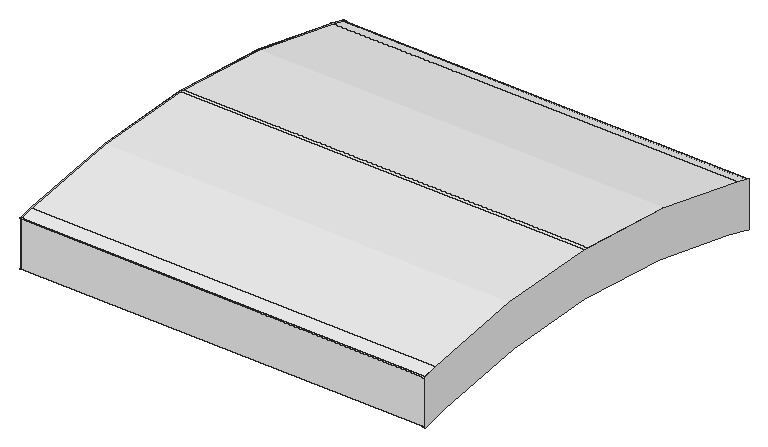
Revit family "SLSV4x4", category Lighting Fixtures, host Ceiling, Revit 2023
Family settings
  Host = Ceiling
  Round Connector Dimension = Use Diameter
  Part Type = Normal
  OmniClass Number = 23.80.70.11.14.17
  OmniClass Title = Direct/Indirect
  Always vertical = Yes
  Cut with Voids When Loaded = No
  Light Source = Yes
  Maintain Annotation Orientation = No
  Shared = No
  Room Calculation Point = No
Parameters (values of type "SLSV4X4-LED840K080LUNV")
  Width = 3' - 9 5/8"
  Wattage = 66.3636 W
  built-in parameter 1150110 = 1 (stored number, unit not read)
  Voltage = 120 V
  URL = "https://viscor.com/products/slsv4x4"
  built-in parameter 1114217 = 0.9 (stored number, unit not read)
  Tilt Angle = 90.00°
  built-in parameter 1150109 = 1 (stored number, unit not read)
  built-in parameter 1150134 = 12
  built-in parameter 1150113 = 1 (stored number, unit not read)
  Photometric Web File = "SLSV4X4-LED840K080LUNV.ies"
  Model = "SLSV 4X4"  # constant formula
  Manufacturer = "VISIONEERING by VISCOR"  # constant formula
  Lumens = 8030 lm
  built-in parameter 1150115 = 1 (stored number, unit not read)
  built-in parameter 1150105 = 639.01 (stored number, unit not read)
  built-in parameter 1150137 = (empty or 0)
  built-in parameter 1150139 = (empty or 0)
  Lens Finish = Acrylic - Viscor - Opal White Square
  Lens Depth = 0' - 0 7/32"
  Length = 3' - 9 5/8"
  Lamp Wattage = 66.4 VA
  built-in parameter 1150112 = 1 (stored number, unit not read)
  built-in parameter 1150114 = 1 (stored number, unit not read)
  Lamp = "LED"  # constant formula
  built-in parameter 1150132 = (empty or 0)
  built-in parameter 1150102 = (empty or 0)
  built-in parameter 1150138 = (empty or 0)
  built-in parameter 1150107 = 4000 (stored number, unit not read)
  built-in parameter 1150106 = 6.3901 (stored number, unit not read)
  Housing Finish = Metal - Viscor - White
  Emit from Rectangle Width = Width  # 3' - 9 5/8"
  Emit from Rectangle Length = Length  # 3' - 9 5/8"
  Emit from Rectangle Height = Lens Depth  # 0' - 0 7/32"
  Emit Shape Visible in Rendering = no
  built-in parameter 1150104 = 11.241 (stored number, unit not read)
  Dimming Lamp Color Temperature Shift = <None>
  Description = "Architectural Pendant with Concave lens"  # constant formula
  Default Elevation = 0' - 0"
  Color Filter = 16777215
  built-in parameter 1114218 = 1 (stored number, unit not read)
  built-in parameter 1150133 = 10 (stored number, unit not read)
  Assembly Code = "D5020200"
  Apparent Load = Lamp Wattage  # 66.4 VA
Types (6): name | Wattage | Photometric Web File | Lumens | built-in parameter 1150105 | Lamp Wattage | built-in parameter 1150106 | built-in parameter 1150104 | Apparent Load
  (no name) | 66.3636 W | "SLSV4X4-LED840K080LUNV.ies" | 8030 lm | 639.01 (stored number, unit not read) | 66.4 VA | 6.3901 (stored number, unit not read) | 11.241 (stored number, unit not read) | 66.4 VA
  SLSV4X4-LED840K080LUNV | 66.3636 W | "SLSV4X4-LED840K080LUNV.ies" | 8030 lm | 639.01 (stored number, unit not read) | 66.4 VA | 6.3901 (stored number, unit not read) | 11.241 (stored number, unit not read) | 66.4 VA
  SLSV4X4-LED840K120LUNV | 102.234 W | "SLSV4X4-LED840K120LUNV.ies" | 12084 lm | 961.61 (stored number, unit not read) | 102.2 VA | 9.6161 (stored number, unit not read) | 10.981 (stored number, unit not read) | 102.2 VA
  SLSV4X4-LED840K140LUNV | 120.376 W | "SLSV4X4-LED840K140LUNV.ies" | 14084 lm | 1120.8 (stored number, unit not read) | 120.4 VA | 11.208 (stored number, unit not read) | 10.87 (stored number, unit not read) | 120.4 VA
  SLSV4x4-LED840K100LUNV | 83.7124 W | "SLSV4X4-LED840K100LUNV.ies" | 10012 lm | 796.73 (stored number, unit not read) | 83.7 VA | 7.9673 (stored number, unit not read) | 11.111 (stored number, unit not read) | 83.7 VA
  SLSV4X4-LED840K160LUNV | 138.748 W | "SLSV4X4-LED840K160LUNV.ies" | 16067 lm | 1278.6 (stored number, unit not read) | 138.8 VA | 12.786 (stored number, unit not read) | 10.758 (stored number, unit not read) | 138.8 VA
Reference planes (in)
  plane 1 "Light Source Axis (F/B)": y = 0
  plane 2 "Ceiling": z = 96
  plane 3 "Light Source Axis (L/R)": x = 0
  plane 4 "Light Source Elevation": z = 95.78125
  plane 5: y = 22.8125
  plane 6: y = -22.8125
  plane 7: x = -22.8125
  plane 8: x = 22.8125
  plane 9 "Lens Depth": z = 95.78125
  plane 10: x = -22.78125
  plane 11: x = 22.78125
Forms (in)
  Extrusion 1, solid, material "Metal - Viscor - White" <- "Housing Finish"
    sketch origin (0, 0, 0) x (0, 1, 0) y (0, 0, 1)
      loop
        line (22.7499, 87.965) -> (22.7499, 92.965)
        arc (22.7499, 92.965) -> (22.73505, 93.00812) -> (22.69679, 93.03293) r 0.07
        line (22.69679, 93.03293) -> (21.2411, 93.39483)
        arc (21.2411, 93.39483) -> (10.82389, 95.32007) -> (0.2499, 95.965) r 87.00512
        line (0.2499, 95.965) -> (-0.2501, 95.965)
        arc (-0.2501, 95.965) -> (-10.82408, 95.32007) -> (-21.24129, 93.39483) r 87.00512
        line (-21.24129, 93.39483) -> (-22.69698, 93.03293)
        arc (-22.69698, 93.03293) -> (-22.73524, 93.00812) -> (-22.7501, 92.965) r 0.07
        line (-22.7501, 92.965) -> (-22.7501, 87.965) -> (-22.71885, 87.965) -> (-22.71885, 92.965)
        arc (-22.71885, 92.965) -> (-22.71062, 92.98887) -> (-22.68944, 93.00261) r 0.03875
        line (-22.68944, 93.00261) -> (-21.23375, 93.3645)
        arc (-21.23375, 93.3645) -> (-10.82028, 95.28905) -> (-0.2501, 95.93375) r 86.97387
        line (-0.2501, 95.93375) -> (0.2499, 95.93375)
        arc (0.2499, 95.93375) -> (10.82009, 95.28905) -> (21.23356, 93.3645) r 86.97387
        line (21.23356, 93.3645) -> (22.68925, 93.00261)
        arc (22.68925, 93.00261) -> (22.71043, 92.98887) -> (22.71865, 92.965) r 0.03875
        line (22.71865, 92.965) -> (22.71865, 87.965) -> (22.7499, 87.965)
    from -22.78125 to 22.78125
  Extrusion 2, solid, material "Metal - Viscor - White" <- "Housing Finish"
    sketch origin (0, 0, 0) x (0, 1, 0) y (0, 0, 1)
      loop
        arc (22.7499, 93.03234) -> (22.74354, 93.05082) -> (22.72714, 93.06145) r 0.03
        line (22.72714, 93.06145) -> (21.24955, 93.42879)
        arc (21.24955, 93.42879) -> (10.82814, 95.35481) -> (0.2499, 96) r 87.04012
        line (0.2499, 96) -> (-0.2501, 96)
        arc (-0.2501, 96) -> (-10.82833, 95.35481) -> (-21.24974, 93.42879) r 87.04012
        line (-21.24974, 93.42879) -> (-22.72733, 93.06145)
        arc (-22.72733, 93.06145) -> (-22.74373, 93.05082) -> (-22.7501, 93.03234) r 0.03
        line (-22.7501, 93.03234) -> (-22.7501, 87.96837)
        arc (-22.7501, 87.96837) -> (-22.73857, 87.94474) -> (-22.71286, 87.93926) r 0.03
        line (-22.71286, 87.93926) -> (-20.0496, 88.60136)
        arc (-20.0496, 88.60136) -> (-10.22378, 90.41731) -> (-0.2501, 91.02562) r 82.06574
        line (-0.2501, 91.02562) -> (0.2499, 91.02562)
        arc (0.2499, 91.02562) -> (10.22359, 90.41731) -> (20.04941, 88.60136) r 82.06574
        line (20.04941, 88.60136) -> (22.71267, 87.93926)
        arc (22.71267, 87.93926) -> (22.73838, 87.94474) -> (22.7499, 87.96837) r 0.03
        line (22.7499, 87.96837) -> (22.7499, 93.03234)
    from 22.78125 to 22.8125
  Extrusion 3, solid, material "Metal - Viscor - White" <- "Housing Finish"
    sketch origin (0, 0, 0) x (0, 1, 0) y (0, 0, -1)
      loop
        line (22.7499, -93.03234) -> (22.7499, -87.96837)
        arc (22.7499, -87.96837) -> (22.73838, -87.94474) -> (22.71267, -87.93926) r 0.03
        line (22.71267, -87.93926) -> (20.04941, -88.60136)
        arc (20.04941, -88.60136) -> (10.22359, -90.41731) -> (0.2499, -91.02562) r 82.06574
        line (0.2499, -91.02562) -> (-0.2501, -91.02562)
        arc (-0.2501, -91.02562) -> (-10.22378, -90.41731) -> (-20.0496, -88.60136) r 82.06574
        line (-20.0496, -88.60136) -> (-22.71286, -87.93926)
        arc (-22.71286, -87.93926) -> (-22.73857, -87.94474) -> (-22.7501, -87.96837) r 0.03
        line (-22.7501, -87.96837) -> (-22.7501, -93.03234)
        arc (-22.7501, -93.03234) -> (-22.74373, -93.05082) -> (-22.72733, -93.06145) r 0.03
        line (-22.72733, -93.06145) -> (-21.24974, -93.42879)
        arc (-21.24974, -93.42879) -> (-10.82833, -95.35481) -> (-0.2501, -96) r 87.04012
        line (-0.2501, -96) -> (0.2499, -96)
        arc (0.2499, -96) -> (10.82814, -95.35481) -> (21.24955, -93.42879) r 87.04012
        line (21.24955, -93.42879) -> (22.72714, -93.06145)
        arc (22.72714, -93.06145) -> (22.74354, -93.05082) -> (22.7499, -93.03234) r 0.03
    from 22.78125 to 22.8125
  Extrusion 4, solid, material "Acrylic - Viscor - Opal White Square" <- "Lens Finish"
    sketch origin (0, 0, 0) x (0, 1, 0) y (0, 0, 1)
      loop
        line (20.05689, 88.63145) -> (22.7199, 87.9694) -> (22.7199, 88.01301) -> (20.06775, 88.67512)
        arc (20.06775, 88.67512) -> (10.23283, 90.49274) -> (0.2499, 91.10162) r 82.14174
        line (0.2499, 91.10162) -> (-0.2501, 91.10162)
        arc (-0.2501, 91.10162) -> (-10.23302, 90.49274) -> (-20.06794, 88.67512) r 82.14174
        line (-20.06794, 88.67512) -> (-22.7201, 88.01577) -> (-22.7201, 87.9694) -> (-20.05708, 88.63145)
        arc (-20.05708, 88.63145) -> (-10.22755, 90.44808) -> (-0.2501, 91.05662) r 82.09674
        line (-0.2501, 91.05662) -> (0.2499, 91.05662)
        arc (0.2499, 91.05662) -> (10.22736, 90.44808) -> (20.05689, 88.63145) r 82.09674
    from -22.78125 to 22.78125
Dimensions and locks (in)
  equal spacing: host sketch curve, plane 3 "Light Source Axis (L/R)", host sketch curve
  equal spacing: host sketch curve, plane 1 "Light Source Axis (F/B)", host sketch curve
  host sketch curve to host sketch curve = 10' - 0"  (x2)
  equal spacing: plane 7, plane 3 "Light Source Axis (L/R)", plane 8
  "Length": plane 7 to plane 8
  equal spacing: plane 5, plane 1 "Light Source Axis (F/B)", plane 6
  "Width": plane 5 to plane 6
  "Emit from Rectangle Height": plane 4 "Light Source Elevation" to plane 2 "Ceiling"
  "Lens Depth": plane 2 "Ceiling" to plane 9 "Lens Depth"
  locked: plane 11 to plane 8 at 0.03125
  locked: plane 10 to plane 7 at 0.03125
  aligned and locked: plane 3 "Light Source Axis (L/R)" to imposter light
  aligned and locked: plane 1 "Light Source Axis (F/B)" to imposter light
  aligned and locked: plane 4 "Light Source Elevation" to imposter light
  aligned and locked: Extrusion 1 to plane 10
  aligned and locked: Extrusion 1 to plane 11
  aligned and locked: Extrusion 3 to plane 7
  aligned and locked: Extrusion 3 to plane 10
  aligned and locked: plane 8 to Extrusion 2
  aligned and locked: Extrusion 2 to plane 11
  aligned and locked: Extrusion 4 to plane 10
  aligned and locked: Extrusion 4 to plane 11
Automatic sketch dimensions
  Extrusion 1 sketch curve to Extrusion 1 sketch curve = 0' - 0"  (x8)
  plane 6 to Extrusion 1 sketch curve = 0' - 0.0624"
  Extrusion 1 sketch curve to Extrusion 1 sketch curve = 0' - 0 1/32"  (x2)
  Extrusion 1 sketch curve to Extrusion 1 sketch curve = 0' - 0.02186"
  Extrusion 1 sketch curve to Extrusion 1 sketch curve = 0' - 0.00754"  (x4)
  Extrusion 1 sketch curve to Extrusion 1 sketch curve = 0' - 0.00935"  (x2)
  Extrusion 1 sketch curve to Extrusion 1 sketch curve = 0' - 1.45569"
  Extrusion 1 sketch curve to plane 2 "Ceiling" = 0' - 0.06625"
  plane 1 "Light Source Axis (F/B)" to Extrusion 1 sketch curve = 0' - 0.2501"
  Extrusion 1 sketch curve to plane 1 "Light Source Axis (F/B)" = 0' - 0.2499"
  Extrusion 1 sketch curve to plane 5 = 0' - 1.57894"
  Extrusion 1 sketch curve to plane 5 = 0' - 0.1326"
  Extrusion 1 sketch curve to plane 5 = 0' - 0.09385"
  plane 4 "Light Source Elevation" to Extrusion 1 sketch curve = 0' - 2.38642"
  Extrusion 1 sketch curve to Extrusion 1 sketch curve = 0' - 2.53892"
  Extrusion 1 sketch curve to Extrusion 1 sketch curve = 0' - 0.03033"
  Extrusion 1 sketch curve to Extrusion 1 sketch curve = 0' - 0.3619"  (x2)
  Extrusion 1 sketch curve to Extrusion 1 sketch curve = 0' - 5"  (x2)
  Extrusion 2 sketch curve to Extrusion 2 sketch curve = 0' - 0"  (x4)
  Extrusion 2 sketch curve to plane 2 "Ceiling" = 0' - 0"
  plane 6 to Extrusion 2 sketch curve = 0' - 0.0624"
  Extrusion 2 sketch curve to Extrusion 2 sketch curve = 0' - 0.02276"
  Extrusion 2 sketch curve to Extrusion 2 sketch curve = 0' - 0.00724"  (x4)
  Extrusion 2 sketch curve to Extrusion 2 sketch curve = 0' - 0.03"  (x2)
  Extrusion 2 sketch curve to Extrusion 2 sketch curve = 0' - 1.47759"
  Extrusion 2 sketch curve to Extrusion 2 sketch curve = 0' - 2.66326"
  plane 1 "Light Source Axis (F/B)" to Extrusion 2 sketch curve = 0' - 0.2501"
  Extrusion 2 sketch curve to plane 1 "Light Source Axis (F/B)" = 0' - 0.2499"
  Extrusion 2 sketch curve to plane 5 = 0' - 2.76309"
  Extrusion 2 sketch curve to plane 5 = 0' - 1.56295"
  Extrusion 2 sketch curve to plane 5 = 0' - 0.09983"
  Extrusion 2 sketch curve to plane 5 = 0' - 0.0926"
  Extrusion 2 sketch curve to Extrusion 2 sketch curve = 0' - 2.57121"  (x2)
  Extrusion 2 sketch curve to Extrusion 2 sketch curve = 0' - 0.36734"  (x2)
  Extrusion 2 sketch curve to Extrusion 2 sketch curve = 0' - 4.97438"
  Extrusion 2 sketch curve to Extrusion 2 sketch curve = 0' - 0.63299"  (x2)
  Extrusion 3 sketch curve to Extrusion 3 sketch curve = 0' - 0"  (x4)
  Extrusion 3 sketch curve to plane 2 "Ceiling" = 0' - 0"
  plane 6 to Extrusion 3 sketch curve = 0' - 0.0624"
  Extrusion 3 sketch curve to Extrusion 3 sketch curve = 0' - 0.02276"
  Extrusion 3 sketch curve to Extrusion 3 sketch curve = 0' - 0.00724"  (x4)
  Extrusion 3 sketch curve to Extrusion 3 sketch curve = 0' - 0.03"  (x2)
  Extrusion 3 sketch curve to Extrusion 3 sketch curve = 0' - 1.47759"
  Extrusion 3 sketch curve to Extrusion 3 sketch curve = 0' - 2.66326"
  plane 1 "Light Source Axis (F/B)" to Extrusion 3 sketch curve = 0' - 0.2501"
  Extrusion 3 sketch curve to plane 1 "Light Source Axis (F/B)" = 0' - 0.2499"
  Extrusion 3 sketch curve to plane 5 = 0' - 2.76309"
  Extrusion 3 sketch curve to plane 5 = 0' - 1.56295"
  Extrusion 3 sketch curve to plane 5 = 0' - 0.09983"
  Extrusion 3 sketch curve to plane 5 = 0' - 0.0926"
  Extrusion 3 sketch curve to Extrusion 3 sketch curve = 0' - 2.57121"  (x2)
  Extrusion 3 sketch curve to Extrusion 3 sketch curve = 0' - 0.36734"  (x2)
  Extrusion 3 sketch curve to Extrusion 3 sketch curve = 0' - 4.97438"
  Extrusion 3 sketch curve to Extrusion 3 sketch curve = 0' - 0.63299"  (x2)
  Extrusion 4 sketch curve to plane 5 = 0' - 0.0926"
  Extrusion 4 sketch curve to Extrusion 4 sketch curve = 0' - 2.66301"
  Extrusion 4 sketch curve to Extrusion 4 sketch curve = 0' - 0.04361"
  Extrusion 4 sketch curve to Extrusion 4 sketch curve = 0' - 0.61844"
  Extrusion 4 sketch curve to Extrusion 4 sketch curve = 0' - 0.01086"  (x2)
  Extrusion 4 sketch curve to Extrusion 4 sketch curve = 0' - 0.04367"
  Extrusion 4 sketch curve to plane 1 "Light Source Axis (F/B)" = 0' - 0.2499"
  level to Extrusion 4 sketch curve = 0' - 8.95988"
  plane 4 "Light Source Elevation" to Extrusion 4 sketch curve = 0' - 7.81185"
  Extrusion 4 sketch curve to Extrusion 4 sketch curve = 0' - 0"  (x5)
  plane 1 "Light Source Axis (F/B)" to Extrusion 4 sketch curve = 0' - 0.2501"
  plane 6 to Extrusion 4 sketch curve = 0' - 2.75542"
  plane 6 to Extrusion 4 sketch curve = 0' - 0.0924"
  Extrusion 4 sketch curve to Extrusion 4 sketch curve = 0' - 0.65935"
  Extrusion 4 sketch curve to Extrusion 4 sketch curve = 0' - 0.04637"
Connectors (in)
  electrical at (0, 0, 96), driven by "Voltage", driven by "Apparent Load"
    settings: index 1, voltage 120 V, apparent load 0 VA, apparent load phase1 66.4 VA, apparent load phase2 0 VA, apparent load phase3 0 VA, power factor 1, load classification "Other", number of poles 1, system type 31, power factor state 1, is connector primary yes, connector utility no, sub classification motor no, connector description ""
